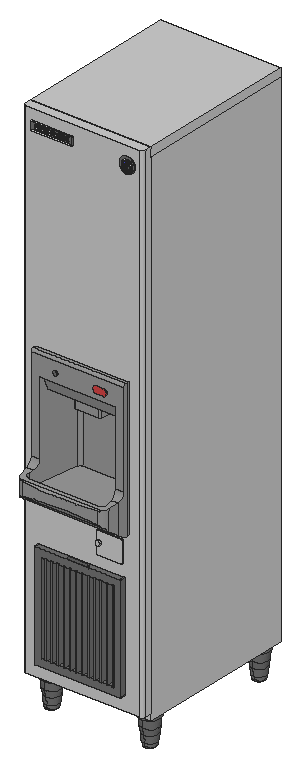
Revit family "QF_HOSHIZAKI_DIM-40DE-HC", category Specialty Equipment, Revit 2016
Family settings
  Part Type = Normal
  Round Connector Dimension = Use Diameter
  OmniClass Number = 23.40.40.14
  OmniClass Title = Food Service Equipment
  Work Plane-Based = No
  Always vertical = Yes
  Cut with Voids When Loaded = No
  Shared = No
  Room Calculation Point = No
Parameters (values of type "DIM-40DE-HC_240V/1Ph/50Hz")
  Weight = 59.00 kg
  Waste Remarks [instance] = ""
  Volts = 240 V
  URL Cutsheet = ""
  URL = "www.hoshizaki-europe.com"
  Status [instance] = ""
  Specification by User [instance] = ""
  Specification by Manufacturer [instance] = ""
  Serial Number = ""
  Seismic Rating = ""
  SMACNA No = ""
  Revision Code [instance] = ""
  Phase = 1
  Number of Poles = 2
  NAFEM Spec ID Number = ""
  Model = "DIM-40DE-HC"
  Min Ckt Ampacity = 0 A
  Max Overcurrent Protection = 0 A
  Masterspec = ""
  Manufacturer = "HOSHIZAKI"
  Length Actual = 350 mm
  Item Number [instance] = ""
  Installed By [instance] = ""
  Indirect Waste Size = 19.05 mm
  Indirect Waste Connection Type [instance] = ""
  Indirect Waste Connection Height [instance] = 410 mm
  Identify Quantity as Lot [instance] = no
  Height Actual = 1590 mm
  HP power = ""
  Furnished By [instance] = ""
  Foodservice Equipment Identifier [instance] = yes
  FL Amps = 0 A
  Electric power = 280 W
  Electric Connection Type [instance] = ""
  Elec Conn RI Height [instance] = 0 mm
  Elec Conn Connection Height [instance] = 510 mm
  Direct Waste RI Height [instance] = 0 mm
  Description = "DIM ICE DISPENSER, 43KG PER 24 HOURS, CUBE ICE"
  Depth Actual = 526 mm
  Cycle = 50 Hz
  Cost = 0
  Conn Plug = ""
  Conn Conduit = no
  Cold Water Temperature Recommended = 0 °C
  Cold Water Size = 12.7 mm
  Cold Water Flow = 0.0 L/s
  Cold Water Connection Height [instance] = 1505 mm
  CSI MasterFormat = ""
  Assembly Code = "E1090320"
  Apparent Power = 280 VA
  Accessory = no
Types (2, lengths in mm): name | Volts
  DIM-40DE-HC_230V/1Ph/50Hz | 230 V
  DIM-40DE-HC_240V/1Ph/50Hz | 240 V
Reference planes
  plane 1 "Center (Front/Back)": y = 0
  plane 2: z = 0
  plane 3 "Center (Left/Right)": x = 0
Forms (mm)
  Extrusion 1, solid, not visible
    sketch origin (69, -15, 1504) x (1, 0, 0) y (0, 1, 0)
      loop
        line (0, 0) -> (2, 0) -> (2, 2) -> (0, 2) -> (0, 0)
    from 0 to 2
  Extrusion 2, solid, not visible
    sketch origin (174, 6, 409) x (1, 0, 0) y (0, 1, 0)
      loop
        line (0, 0) -> (2, 0) -> (2, 2) -> (0, 2) -> (0, 0)
    from 0 to 2
  Extrusion 3, solid, not visible
    sketch origin (124, -20, 509) x (1, 0, 0) y (0, 1, 0)
      loop
        line (0, 0) -> (2, 0) -> (2, 2) -> (0, 2) -> (0, 0)
    from 0 to 2
  Extrusion 4, solid, not visible
    sketch origin (69, -15, 1504) x (1, 0, 0) y (0, 1, 0)
      loop
        line (0, 0) -> (2, 0) -> (2, 2) -> (0, 2) -> (0, 0)
    from 0 to 2
  Extrusion 5, solid, not visible
    sketch origin (174, 6, 409) x (1, 0, 0) y (0, 1, 0)
      loop
        line (0, 0) -> (2, 0) -> (2, 2) -> (0, 2) -> (0, 0)
    from 0 to 2
  Extrusion 6, solid, not visible
    sketch origin (124, -20, 509) x (1, 0, 0) y (0, 1, 0)
      loop
        line (0, 0) -> (2, 0) -> (2, 2) -> (0, 2) -> (0, 0)
    from 0 to 2
Dimensions and locks
  aligned and locked: level to plane 2
Nested families
  nested 1: "QF_HOSHIZAKI_DIM-40DE-HC_230V_1Ph_50Hz" at (0, 0, 0), type "DIM-40DE-HC_230V/1Ph/50Hz"
    with Waste Water Discharge Temperature 20 °C, Status "", Specification by User "", Revision Code "", Plumbing Remarks "", Plumbing Connection Type "", Number of Poles 1, Item Number "", Installed By "", Indirect Waste Connection Type "", Indirect Waste Connection Height 410 mm, Identify Quantity as Lot no, Furnished By "", Foodservice Equipment Identifier yes, Electrical Remarks "", Electric Connection Type "", Elec Conn RI Height 0 mm, Elec Conn Connection Height 510 mm, Conn Conduit no, Cold Water RI Height 1505 mm, Cold Water Flow 0.0 L/s, Cold Water Consumption "", Cold Water Connection Height 1505 mm
Connectors
  piping at (70, -13, 1505), diameter 12.7, driven by "Cold Water Size", driven by "Cold Water Flow"
    settings: on Extrusion 1, index 1, connector inside diameter 609.6 mm, connector length 0 mm, flow factor 0, pipe flow 0.0 L/s, pressure drop 0.0 Pa, fitting loss kfactor 0, connector angle 0.00°, fixture units 0, engagement length 0 mm, angle of deflection 0.00°, flow configuration 1, flow direction 1, fitting loss method 0, system type 20, joint type 0, gender type 0, connector reference index -1, connector utility 0, adjustable connector no, is connector primary yes, connector description "Cold Water connection for 'DIM-40DE-HC'"
  piping at (175, 8, 410), diameter 19.05, driven by "Indirect Waste Size"
    settings: on Extrusion 2, index 2, connector inside diameter 609.6 mm, connector length 0 mm, flow factor 0, pipe flow 0.0 L/s, pressure drop 0.0 Pa, fitting loss kfactor 0, connector angle 0.00°, fixture units 0, engagement length 0 mm, angle of deflection 0.00°, flow configuration 1, flow direction 2, fitting loss method 0, system type 16, joint type 0, gender type 0, connector reference index -1, connector utility 0, adjustable connector no, is connector primary no, connector description "Drain connection for 'DIM-40DE-HC'"
  electrical at (125, -18, 510), driven by "Apparent Power", driven by "Number of Poles", driven by "Volts"
    settings: on Extrusion 3, index 3, voltage 240 V, apparent load 0 VA, apparent load phase1 280 VA, apparent load phase2 0 VA, apparent load phase3 0 VA, power factor 1, load classification "Other", number of poles 2, system type 31, power factor state 1, is connector primary yes, connector utility no, sub classification motor no, connector description "Electric connection for 'DIM-40DE-HC'"
  piping at (70, -13, 1505), diameter 12.7, driven by "Cold Water Size", driven by "Cold Water Flow"
    settings: on Extrusion 4, index 4, connector inside diameter 609.6 mm, connector length 0 mm, flow factor 0, pipe flow 0.0 L/s, pressure drop 0.0 Pa, fitting loss kfactor 0, connector angle 0.00°, fixture units 0, engagement length 0 mm, angle of deflection 0.00°, flow configuration 1, flow direction 1, fitting loss method 0, system type 20, joint type 0, gender type 0, connector reference index -1, connector utility 0, adjustable connector no, is connector primary no, connector description "Cold Water connection for 'DIM-40DE-HC'"
  piping at (175, 8, 410), diameter 19.05, driven by "Indirect Waste Size"
    settings: on Extrusion 5, index 5, connector inside diameter 609.6 mm, connector length 0 mm, flow factor 0, pipe flow 0.0 L/s, pressure drop 0.0 Pa, fitting loss kfactor 0, connector angle 0.00°, fixture units 0, engagement length 0 mm, angle of deflection 0.00°, flow configuration 1, flow direction 2, fitting loss method 0, system type 16, joint type 0, gender type 0, connector reference index -1, connector utility 0, adjustable connector no, is connector primary no, connector description "Drain connection for 'DIM-40DE-HC'"
  electrical at (125, -18, 510), driven by "Apparent Power", driven by "Number of Poles", driven by "Volts"
    settings: on Extrusion 6, index 6, voltage 240 V, apparent load 0 VA, apparent load phase1 280 VA, apparent load phase2 0 VA, apparent load phase3 0 VA, power factor 1, load classification "Other", number of poles 2, system type 31, power factor state 1, is connector primary no, connector utility no, sub classification motor no, connector description "Electric connection for 'DIM-40DE-HC'"
Definition of nested family "QF_HOSHIZAKI_DIM-40DE-HC_230V_1Ph_50Hz"
  Parameters (values of type "DIM-40DE-HC_230V/1Ph/50Hz")
    Weight in Pounds = 143
    Electric power = 340 W
    Waste Water Discharge Temperature [instance] = 20 °C
    Volts = 230 V
    URL Cutsheet = "www.hoshizaki-europe.com"
    URL = "www.hoshizaki-europe.com"
    Status [instance] = ""
    Specification by User [instance] = ""
    Specification by Manufacturer = ""
    Show Logo = yes
    Serial Number = ""
    Seismic Rating = ""
    SMACNA No = ""
    Revision Code [instance] = ""
    Plumbing Remarks [instance] = ""
    Plumbing Connection Type [instance] = ""
    Phase = 1
    Number of Poles [instance] = 1
    NAFEM Spec ID Number = ""
    Model = "DIM-40DE-HC"
    Min Ckt Ampacity = 0 A
    Max Overcurrent Protection = 10 A
    Masterspec = ""
    Manufacturer = "HOSHIZAKI"
    Item Number [instance] = ""
    Installed By [instance] = ""
    Indirect Waste Size = 19.05 mm
    Indirect Waste Flow = 0.0 L/s
    Indirect Waste Connection Type [instance] = ""
    Indirect Waste Connection Height [instance] = 410 mm
    Identify Quantity as Lot [instance] = no
    HP power = "0.455946800000"
    Furnished By [instance] = ""
    Foodservice Equipment Identifier [instance] = yes
    FL Amps = 1.47 A
    Electrical Remarks [instance] = ""
    Electric Connection Type [instance] = ""
    Elec Conn RI Height [instance] = 0 mm
    Elec Conn Connection Height [instance] = 510 mm
    Description = "DIM ICE DISPENSER, 43KG PER 24 HOURS, CUBE ICE"
    Cycle = 50 Hz
    Conn Plug = ""
    Conn Conduit [instance] = no
    Cold Water Temperature Recommended = 35 °C
    Cold Water Size = 12.7 mm
    Cold Water RI Height [instance] = 1505 mm
    Cold Water Minimum Pressure = 70000.0 Pa
    Cold Water Maximum Pressure = 780000.0 Pa
    Cold Water Flow [instance] = 0.0 L/s
    Cold Water Consumption [instance] = ""
    Cold Water Connection Height [instance] = 1505 mm
    CSI MasterFormat = ""
    Assembly Code = "E1090320"
    Apparent Power = 340 VA
  Reference planes
    plane 1 "Back": y = 0
    plane 2: z = 0
    plane 3 "Left": x = 0
    plane 4 "Right": x = 350
    plane 5 "Front": y = -526
    plane 6 "Top": z = 1590
  Forms (mm)
    Extrusion 1, solid
      sketch origin (0, 0, 0) x (1, 0, 0) y (0, 1, 0)
        loop
          line (40, -526) -> (40, -535.559)
          arc (40, -535.559) -> (41.546, -563.317) -> (46.164, -590.733) r 250
          arc (46.164, -590.733) -> (53.691, -603.04) -> (67.145, -608.246) r 22.5
          arc (67.145, -608.246) -> (175, -610.558) -> (282.855, -608.246) r 2517
          arc (282.855, -608.246) -> (296.309, -603.04) -> (303.836, -590.733) r 22.5
          arc (303.836, -590.733) -> (306.669, -576.236) -> (308.641, -561.596) r 250
          arc (308.641, -561.596) -> (309.66, -548.596) -> (310, -535.561) r 250
          line (310, -535.561) -> (310, -526) -> (40, -526)
      from 575 to 975
    Extrusion 2, void
      sketch origin (0, 0, 0) x (0, 1, 0) y (0, 0, 1)
        loop
          line (-611, 575) -> (-538.86, 575)
          arc (-538.86, 575) -> (-573.629, 596.403) -> (-604.451, 623.18) r 250
          arc (-604.451, 623.18) -> (-609.3, 630.575) -> (-611, 639.253) r 23
          line (-611, 639.253) -> (-611, 575)
        loop
          arc (-611, 658.266) -> (-609.129, 663.408) -> (-604.39, 666.145) r 8
          line (-604.39, 666.145) -> (-562.59, 673.522)
          arc (-562.59, 673.522) -> (-549.263, 681.218) -> (-544, 695.679) r 22.5
          line (-544, 695.679) -> (-544, 967)
          arc (-544, 967) -> (-541.657, 972.657) -> (-536, 975) r 8
          line (-536, 975) -> (-611, 975) -> (-611, 658.266)
      from 315.034 to 35.44
    Extrusion 3, void
      sketch origin (0, 0, 0) x (1, 0, 0) y (0, 1, 0)
        loop
          line (70.943, -593.56) -> (279.057, -593.56)
          arc (279.057, -593.56) -> (288.21, -589.319) -> (290.895, -579.595) r 12
          line (290.895, -579.595) -> (266.394, -431.946)
          arc (266.394, -431.946) -> (262.995, -425.955) -> (256.529, -423.583) r 10
          line (256.529, -423.583) -> (93.471, -423.583)
          arc (93.471, -423.583) -> (87.005, -425.955) -> (83.606, -431.946) r 10
          line (83.606, -431.946) -> (59.105, -579.595)
          arc (59.105, -579.595) -> (61.79, -589.319) -> (70.943, -593.56) r 12
      from 910.443 to 635.013
    Extrusion 4, solid
      sketch origin (0, 0, 0) x (1, 0, 0) y (0, 1, 0)
        loop
          line (67.999, -526) -> (83.606, -431.946)
          arc (83.606, -431.946) -> (87.005, -425.955) -> (93.471, -423.583) r 10
          line (93.471, -423.583) -> (256.529, -423.583)
          arc (256.529, -423.583) -> (262.995, -425.955) -> (266.394, -431.946) r 10
          line (266.394, -431.946) -> (282.001, -526) -> (285.042, -526) -> (269.353, -431.455)
          arc (269.353, -431.455) -> (264.935, -423.666) -> (256.529, -420.583) r 13
          line (256.529, -420.583) -> (93.471, -420.583)
          arc (93.471, -420.583) -> (85.065, -423.666) -> (80.647, -431.455) r 13
          line (80.647, -431.455) -> (64.958, -526) -> (67.999, -526)
      from 915.14 to 630
    Extrusion 5, solid
      sketch origin (0, 0, 0) x (0, 1, 0) y (0, 0, 1)
        loop
          line (-423.583, 832.914) -> (-423.583, 910.443) -> (-537.176, 910.443) -> (-521.889, 869.996) -> (-423.583, 832.914)
      from 61.617 to 288.383
    Extrusion 6, solid
      sketch origin (4.981, 0, 0) x (1, 0, 0) y (0, 1, 0)
        loop
          line (122.019, -423.583) -> (131.501, -504.533)
          arc (131.501, -504.533) -> (133.144, -507.687) -> (136.468, -508.952) r 5
          line (136.468, -508.952) -> (203.571, -508.952)
          arc (203.571, -508.952) -> (206.894, -507.687) -> (208.537, -504.533) r 5
          line (208.537, -504.533) -> (218.019, -423.583) -> (122.019, -423.583)
      from 838.676 to 869.21
    Extrusion 7, solid
      sketch origin (0, -15, 0) x (1, 0, 0) y (0, 0, 1)
        loop
          line (47, 458.495) -> (47, 152.495)
          arc (47, 152.495) -> (47.586, 151.081) -> (49, 150.495) r 2
          line (49, 150.495) -> (295, 150.495)
          arc (295, 150.495) -> (296.414, 151.081) -> (297, 152.495) r 2
          line (297, 152.495) -> (297, 458.495)
          arc (297, 458.495) -> (296.414, 459.909) -> (295, 460.495) r 2
          line (295, 460.495) -> (49, 460.495)
          arc (49, 460.495) -> (47.586, 459.909) -> (47, 458.495) r 2
        loop
          line (281, 172.495) -> (281, 438.495) -> (69, 438.495) -> (69, 172.495) -> (281, 172.495)
      from 511 to 526
    Extrusion 8, solid
      sketch origin (-10, -15, 0) x (1, 0, 0) y (0, 1, 0)
        loop
          line (81.947, -512) -> (86.807, -526) -> (90.894, -526) -> (90.894, -506) -> (81.947, -506) -> (81.947, -512)
        loop
          line (99.841, -512) -> (104.7, -526) -> (108.788, -526) -> (108.788, -506) -> (99.841, -506) -> (99.841, -512)
        loop
          line (117.735, -512) -> (122.594, -526) -> (126.681, -526) -> (126.681, -506) -> (117.735, -506) -> (117.735, -512)
        loop
          line (135.628, -512) -> (140.488, -526) -> (144.575, -526) -> (144.575, -506) -> (135.628, -506) -> (135.628, -512)
        loop
          line (153.522, -512) -> (158.382, -526) -> (162.469, -526) -> (162.469, -506) -> (153.522, -506) -> (153.522, -512)
        loop
          line (171.416, -512) -> (176.276, -526) -> (180.363, -526) -> (180.363, -506) -> (171.416, -506) -> (171.416, -512)
        loop
          line (189.31, -512) -> (194.169, -526) -> (198.257, -526) -> (198.257, -506) -> (189.31, -506) -> (189.31, -512)
        loop
          line (207.204, -512) -> (212.063, -526) -> (216.15, -526) -> (216.15, -506) -> (207.204, -506) -> (207.204, -512)
        loop
          line (225.097, -512) -> (229.957, -526) -> (234.044, -526) -> (234.044, -506) -> (225.097, -506) -> (225.097, -512)
        loop
          line (242.991, -512) -> (247.851, -526) -> (251.938, -526) -> (251.938, -506) -> (242.991, -506) -> (242.991, -512)
        loop
          line (260.885, -512) -> (265.745, -526) -> (269.832, -526) -> (269.832, -506) -> (260.885, -506) -> (260.885, -512)
        loop
          line (278.779, -512) -> (283.639, -526) -> (287.726, -526) -> (287.726, -506) -> (278.779, -506) -> (278.779, -512)
      from 438.495 to 172.495
    Revolve 9, solid
      sketch origin (32, -33.318, 0) x (0, -1, 0) y (0, 0, 1)
        loop
          line (-1.318, 90) -> (-1.318, 80) -> (2.731, 80)
          arc (2.731, 80) -> (2.968, 66.933) -> (4.342, 53.936) r 150
          line (4.342, 53.936) -> (7.023, 36.064)
          arc (7.023, 36.064) -> (8.222, 25.561) -> (8.678, 15) r 150
          line (8.678, 15) -> (11.382, 15) -> (11.382, 3.5)
          arc (11.382, 3.5) -> (12.408, 1.025) -> (14.882, 0) r 3.5
          line (14.882, 0) -> (28.682, 0) -> (28.682, 90) -> (-1.318, 90)
        axis (28.682, 90) -> (28.682, 0)
      angle from 0 to 360
    Revolve 10, solid
      sketch origin (318, -90.682, 0) x (0, 1, 0) y (0, 0, -1)
        loop
          line (58.682, -90) -> (58.682, -80) -> (54.634, -80)
          arc (54.634, -80) -> (54.397, -66.933) -> (53.023, -53.936) r 150
          line (53.023, -53.936) -> (50.342, -36.064)
          arc (50.342, -36.064) -> (49.143, -25.561) -> (48.687, -15) r 150
          line (48.687, -15) -> (45.982, -15) -> (45.982, -3.5)
          arc (45.982, -3.5) -> (44.957, -1.025) -> (42.482, 0) r 3.5
          line (42.482, 0) -> (28.682, 0) -> (28.682, -90) -> (58.682, -90)
        axis (28.682, -90) -> (28.682, 0)
      angle from 0 to 360
    Extrusion 11, solid
      sketch origin (0, 0, 0) x (1, 0, 0) y (0, 1, 0)
        loop
          line (315, 0) -> (255, 0) -> (255, -23) -> (315, -23) -> (315, 0)
      from 306 to 1565
    Extrusion 12, solid
      sketch origin (13.768, 8, -110.803) x (1, 0, 0) y (0, 0, 1)
        loop
          circle (161.232, 520.803) r 11
        loop
          circle (161.232, 520.803) r 10
      from 8 to 31
    Extrusion 13, solid
      sketch origin (70, -13, 1505) x (1, 0, 0) y (0, 0, 1)
        loop
          circle (0, 0) r 10
        loop
          circle (0, 0) r 8
      from 0 to 10
    Extrusion 14, solid
      sketch origin (27.815, -543, -15.8) x (1, 0, 0) y (0, 0, 1)
        loop
          arc (202.685, 960.794) -> (192.685, 950.794) -> (202.685, 940.794) r 10
          line (202.685, 940.794) -> (221.685, 940.794)
          arc (221.685, 940.794) -> (231.685, 950.794) -> (221.685, 960.794) r 10
          line (221.685, 960.794) -> (202.685, 960.794)
      from 0 to 2
    Extrusion 15, solid
      sketch origin (26.37, -543, -11) x (1, 0, 0) y (0, 0, 1)
        loop
          circle (83.63, 946.237) r 6
      from 0 to 2
    Revolve 16, solid
      sketch origin (32, -431.318, 0) x (0, -1, 0) y (0, 0, 1)
        loop
          line (-1.318, 90) -> (-1.318, 80) -> (2.731, 80)
          arc (2.731, 80) -> (2.968, 66.933) -> (4.342, 53.936) r 150
          line (4.342, 53.936) -> (7.023, 36.064)
          arc (7.023, 36.064) -> (8.222, 25.561) -> (8.678, 15) r 150
          line (8.678, 15) -> (11.382, 15) -> (11.382, 3.5)
          arc (11.382, 3.5) -> (12.408, 1.025) -> (14.882, 0) r 3.5
          line (14.882, 0) -> (28.682, 0) -> (28.682, 90) -> (-1.318, 90)
        axis (28.682, 90) -> (28.682, 0)
      angle from 0 to 360
    Revolve 17, solid
      sketch origin (318, -488.682, 0) x (0, 1, 0) y (0, 0, -1)
        loop
          line (58.682, -90) -> (58.682, -80) -> (54.634, -80)
          arc (54.634, -80) -> (54.397, -66.933) -> (53.023, -53.936) r 150
          line (53.023, -53.936) -> (50.342, -36.064)
          arc (50.342, -36.064) -> (49.143, -25.561) -> (48.687, -15) r 150
          line (48.687, -15) -> (45.982, -15) -> (45.982, -3.5)
          arc (45.982, -3.5) -> (44.957, -1.025) -> (42.482, 0) r 3.5
          line (42.482, 0) -> (28.682, 0) -> (28.682, -90) -> (58.682, -90)
        axis (28.682, -90) -> (28.682, 0)
      angle from 0 to 360
    Extrusion 18, solid
      sketch origin (0, 0, 0) x (1, 0, 0) y (0, 1, 0)
        loop
          line (10, -526) -> (340, -526)
          arc (340, -526) -> (347.071, -523.071) -> (350, -516) r 10
          line (350, -516) -> (350, -496) -> (0, -496) -> (0, -516)
          arc (0, -516) -> (2.929, -523.071) -> (10, -526) r 10
      from 1590 to 110
    Extrusion 19, solid
      sketch origin (0, 0, 0) x (1, 0, 0) y (0, 1, 0)
        loop
          line (83.606, -431.946) -> (67.999, -526) -> (282.001, -526) -> (266.394, -431.946)
          arc (266.394, -431.946) -> (262.995, -425.955) -> (256.529, -423.583) r 10
          line (256.529, -423.583) -> (93.471, -423.583)
          arc (93.471, -423.583) -> (87.005, -425.955) -> (83.606, -431.946) r 10
      from 635.013 to 630
    Extrusion 20, solid
      sketch origin (0, 0, 1590) x (0, 1, 0) y (-1, 0, 0)
        loop
          line (-23, 0) -> (-496, 0) -> (-496, -350) -> (-23, -350) -> (-23, 0)
      from 0 to -25
    Extrusion 21, solid
      sketch origin (0, 0, 1590) x (0, 1, 0) y (-1, 0, 0)
        loop
          line (-23, 0) -> (-496, 0) -> (-496, -350) -> (-23, -350) -> (-23, 0)
      from -25 to -1500
    Extrusion 22, void
      sketch origin (0, -526, 0) x (-1, 0, 0) y (0, 0, 1)
        loop
          line (-60, 915) -> (-290, 915) -> (-290, 630) -> (-60, 630) -> (-60, 915)
      from 0 to 105.417
    Extrusion 23, void
      sketch origin (0, -526, 0) x (-1, 0, 0) y (0, 0, 1)
        loop
          line (-69, 438.495) -> (-281, 438.495) -> (-281, 172.495) -> (-69, 172.495) -> (-69, 438.495)
      from 0 to 30
    Revolve 24, solid
      sketch origin (0, -488.952, 0) x (1, 0, 0) y (0, 0, 1)
        loop
          line (175, 838.676) -> (168.5, 838.676) -> (168.5, 834.637)
          arc (168.5, 834.637) -> (168.672, 833.6) -> (169.168, 832.674) r 3.217
          line (169.168, 832.674) -> (172.881, 828.61)
          arc (172.881, 828.61) -> (173.842, 827.92) -> (175, 827.676) r 2.87
          line (175, 827.676) -> (175, 838.676)
        axis (175, 838.676) -> (175, 827.676)
      angle from 0 to 360
    Extrusion 25, solid, visible <- "Show Logo"
      sketch origin (0, -526, 985) x (-1, 0, 0) y (0, 0, 1)
        loop
          line (-34.966, 567.015) -> (-40.766, 567.015) -> (-40.766, 565.73) -> (-38.944, 564.902) -> (-38.944, 562.682) -> (-43.554, 562.682) -> (-43.554, 564.902) -> (-41.731, 565.73) -> (-41.731, 567.015) -> (-47.532, 567.015) -> (-47.532, 565.73) -> (-46.098, 564.902) -> (-46.098, 558.114) -> (-47.532, 557.286) -> (-47.532, 556) -> (-41.731, 556) -> (-41.731, 557.286) -> (-43.554, 558.114) -> (-43.554, 560.673) -> (-38.944, 560.673) -> (-38.944, 558.114) -> (-40.766, 557.286) -> (-40.766, 556) -> (-34.966, 556) -> (-34.966, 557.286) -> (-36.4, 558.114) -> (-36.4, 564.902) -> (-34.966, 565.73) -> (-34.966, 567.015)
        loop
          spline (-53.399, 556.042) -> (-51.878, 556.229) -> (-50.461, 556.777) -> (-49.244, 557.649) -> (-48.31, 558.785) -> (-47.723, 560.108) -> (-47.523, 561.528) -> (-47.723, 562.949) -> (-48.31, 564.272) -> (-49.244, 565.408) -> (-50.461, 566.28) -> (-51.878, 566.828) -> (-53.399, 567.015)
          spline (-53.399, 567.015) -> (-54.92, 566.828) -> (-56.337, 566.28) -> (-57.554, 565.408) -> (-58.488, 564.272) -> (-59.075, 562.949) -> (-59.276, 561.528) -> (-59.075, 560.108) -> (-58.488, 558.785) -> (-57.554, 557.649) -> (-56.337, 556.777) -> (-54.92, 556.229) -> (-53.399, 556.042)
        loop
          spline (-53.299, 557.388) -> (-52.547, 557.529) -> (-51.847, 557.943) -> (-51.245, 558.601) -> (-50.784, 559.458) -> (-50.493, 560.457) -> (-50.394, 561.528) -> (-50.493, 562.6) -> (-50.784, 563.598) -> (-51.245, 564.456) -> (-51.847, 565.114) -> (-52.547, 565.527) -> (-53.299, 565.668)
          spline (-53.299, 565.668) -> (-54.051, 565.527) -> (-54.752, 565.114) -> (-55.353, 564.456) -> (-55.815, 563.598) -> (-56.105, 562.6) -> (-56.204, 561.528) -> (-56.105, 560.457) -> (-55.815, 559.458) -> (-55.353, 558.601) -> (-54.752, 557.943) -> (-54.051, 557.529) -> (-53.299, 557.388)
        loop
          line (-69.829, 567.094) -> (-69.829, 563.369) -> (-68.139, 563.369) -> (-66.541, 565.495)
          arc (-66.541, 565.495) -> (-65.019, 565.695) -> (-63.498, 565.495) r 5.879
          arc (-63.498, 565.495) -> (-62.682, 564.432) -> (-63.498, 563.369) r 1.1
          line (-63.498, 563.369) -> (-69.29, 561.817)
          arc (-69.29, 561.817) -> (-70.234, 559.317) -> (-69.29, 556.817) r 3.783
          arc (-69.29, 556.817) -> (-65.84, 555.742) -> (-62.391, 556.817) r 6.071
          line (-62.391, 556.817) -> (-61.743, 556.17) -> (-59.855, 556.17) -> (-59.855, 559.779) -> (-61.862, 559.779) -> (-63.839, 557.802)
          arc (-63.839, 557.802) -> (-65.344, 557.537) -> (-66.85, 557.802) r 4.401
          arc (-66.85, 557.802) -> (-67.476, 558.697) -> (-66.85, 559.592) r 0.953
          line (-66.85, 559.592) -> (-61.612, 561.499)
          arc (-61.612, 561.499) -> (-59.989, 563.999) -> (-61.612, 566.499) r 2.737
          arc (-61.612, 566.499) -> (-64.578, 567.129) -> (-67.544, 566.499) r 7.289
          line (-67.544, 566.499) -> (-68.139, 567.094) -> (-69.829, 567.094)
        loop
          line (-71.301, 567.015) -> (-77.102, 567.015) -> (-77.102, 565.73) -> (-75.279, 564.902) -> (-75.279, 562.682) -> (-79.89, 562.682) -> (-79.89, 564.902) -> (-78.067, 565.73) -> (-78.067, 567.015) -> (-83.867, 567.015) -> (-83.867, 565.73) -> (-82.433, 564.902) -> (-82.433, 558.114) -> (-83.867, 557.286) -> (-83.867, 556) -> (-78.067, 556) -> (-78.067, 557.286) -> (-79.89, 558.114) -> (-79.89, 560.673) -> (-75.279, 560.673) -> (-75.279, 558.114) -> (-77.102, 557.286) -> (-77.102, 556) -> (-71.301, 556) -> (-71.301, 557.286) -> (-72.736, 558.114) -> (-72.736, 564.902) -> (-71.301, 565.73) -> (-71.301, 567.015)
        loop
          line (-90.776, 567.015) -> (-90.776, 565.73) -> (-89.342, 564.902) -> (-89.342, 558.114) -> (-90.776, 557.286) -> (-90.776, 556) -> (-84.989, 556) -> (-84.989, 557.286) -> (-86.423, 558.114) -> (-86.423, 564.902) -> (-84.989, 565.73) -> (-84.989, 567.015) -> (-90.776, 567.015)
        loop
          line (-92.073, 567.015) -> (-101.842, 567.015) -> (-101.842, 565.297) -> (-95.543, 557.791) -> (-98.873, 557.791) -> (-100.144, 558.681) -> (-100.144, 560.456) -> (-101.842, 560.456) -> (-101.842, 556) -> (-92.073, 556) -> (-92.073, 557.791) -> (-97.907, 564.744) -> (-97.907, 565.637) -> (-94.625, 565.637) -> (-93.746, 564.758) -> (-93.746, 562.341) -> (-92.073, 562.341) -> (-92.073, 567.015)
        loop
          line (-102.808, 556) -> (-102.808, 557.427) -> (-103.934, 557.427) -> (-107.808, 567.015) -> (-109.97, 567.015) -> (-113.886, 557.791) -> (-114.741, 557.791) -> (-114.741, 556) -> (-109.113, 556) -> (-109.113, 557.427) -> (-110.221, 557.427) -> (-111.13, 558.335) -> (-110.247, 559.596) -> (-106.153, 559.596) -> (-105.593, 558.058) -> (-106.224, 557.427) -> (-107.808, 557.427) -> (-107.808, 556) -> (-102.808, 556)
        loop
          line (-115.159, 567.015) -> (-120.444, 567.015) -> (-120.444, 565.595) -> (-119.405, 565.595) -> (-119.405, 561.351) -> (-123.648, 565.595) -> (-122.274, 565.595) -> (-122.274, 567.015) -> (-127.274, 567.015) -> (-127.274, 565.595) -> (-125.79, 565.595) -> (-123.002, 562.806) -> (-127.274, 557.791) -> (-128.486, 557.791) -> (-128.486, 556) -> (-122.274, 556) -> (-122.274, 557.791) -> (-123.993, 557.791) -> (-120.99, 560.794) -> (-119.405, 559.209) -> (-119.405, 557.791) -> (-120.444, 557.791) -> (-120.444, 556) -> (-115.444, 556) -> (-115.444, 557.791) -> (-116.869, 557.791) -> (-116.869, 565.595) -> (-115.159, 565.595) -> (-115.159, 567.015)
        loop
          line (-135, 567.015) -> (-135, 565.73) -> (-133.566, 564.902) -> (-133.566, 558.114) -> (-135, 557.286) -> (-135, 556) -> (-129.213, 556) -> (-129.213, 557.286) -> (-130.648, 558.114) -> (-130.648, 564.902) -> (-129.213, 565.73) -> (-129.213, 567.015) -> (-135, 567.015)
        loop
          line (-108.15, 564.538) -> (-109.61, 561.096) -> (-106.759, 561.096) -> (-108.15, 564.538)
      from 1 to -1.5
    Extrusion 26, solid, visible <- "Show Logo"
      sketch origin (0, -526, 985) x (-1, 0, 0) y (0, 0, 1)
        loop
          line (-25, 572) -> (-145, 572) -> (-145, 551) -> (-25, 551) -> (-25, 572)
      from 1 to -1
    Extrusion 27, solid, visible <- "Show Logo"
      sketch origin (0, -526, 985) x (-1, 0, 0) y (0, 0, 1)
        loop
          line (-28, 575) -> (-142, 575)
          arc (-142, 575) -> (-144.121, 574.121) -> (-145, 572) r 3
          line (-145, 572) -> (-25, 572)
          arc (-25, 572) -> (-25.879, 574.121) -> (-28, 575) r 3
        loop
          line (-142, 548) -> (-28, 548)
          arc (-28, 548) -> (-25.879, 548.879) -> (-25, 551) r 3
          line (-25, 551) -> (-145, 551)
          arc (-145, 551) -> (-144.121, 548.879) -> (-142, 548) r 3
      from 1 to -1
    Extrusion 28, solid, visible <- "Show Logo"
      sketch origin (764.884, -525.5, -322.5) x (-1, 0, 0) y (0, 0, -1)
        loop
          circle (459.884, -1862.5) r 13.99
      from -0.5 to 2
    Extrusion 29, solid, visible <- "Show Logo"
      sketch origin (764.884, -526, -322.5) x (-1, 0, 0) y (0, 0, -1)
        loop
          circle (459.884, -1862.5) r 15
        loop
          arc (446.884, -1862.5) -> (460.705, -1875.474) -> (472.781, -1860.863) r 13
          line (472.781, -1860.863) -> (470.355, -1858.437) -> (469.346, -1862.201) -> (466.355, -1863.928) -> (465.024, -1865.26) -> (463.375, -1865.26) -> (462.04, -1870.241) -> (457.755, -1870.241) -> (459.339, -1867.979) -> (460.402, -1864.014) -> (461.224, -1860.945) -> (462.416, -1856.497) -> (461.216, -1855.297) -> (459.433, -1857.843) -> (455.784, -1851.523) -> (460.361, -1851.523) -> (461.471, -1853.446) -> (469.213, -1853.446)
          arc (469.213, -1853.446) -> (460.394, -1849.51) -> (451.293, -1852.743) r 13
          line (451.293, -1852.743) -> (455.577, -1853.891) -> (453.752, -1856.497) -> (455.349, -1856.497) -> (454.477, -1866.459) -> (452.538, -1866.459) -> (446.884, -1862.5)
        loop
          line (447.853, -1857.467) -> (452.313, -1861.926) -> (450.144, -1853.891)
          arc (450.144, -1853.891) -> (448.878, -1855.602) -> (447.853, -1857.467) r 15.828
        loop
          line (463.583, -1862.877) -> (466.64, -1862.399) -> (464.901, -1861.285) -> (463.583, -1857.664) -> (463.583, -1862.877)
        loop
          line (464.827, -1855.979) -> (468.296, -1856.908) -> (469.573, -1854.916) -> (468.881, -1854.224) -> (467.914, -1855.035) -> (464.827, -1855.979)
        loop
          line (462.609, -1872.307) -> (462.609, -1874.009) -> (464.927, -1873.388) -> (462.609, -1872.307)
        loop
          line (460.361, -1874.662) -> (459.594, -1873.335) -> (460.801, -1872.638) -> (459.186, -1872.205) -> (458.298, -1874.11) -> (460.361, -1874.662)
        loop
          line (459.623, -1846.783) -> (460.706, -1845.701) -> (462.247, -1845.701) -> (461.191, -1844.645) -> (461.503, -1842.874) -> (459.623, -1843.959) -> (457.743, -1842.874) -> (458.055, -1844.645) -> (456.999, -1845.701) -> (458.54, -1845.701) -> (459.623, -1846.783)
        loop
          line (446.86, -1853.7) -> (446.594, -1852.191) -> (447.478, -1850.929) -> (446.007, -1851.188) -> (444.736, -1849.917) -> (444.547, -1852.08) -> (442.579, -1852.997) -> (444.209, -1853.757) -> (444.468, -1855.228) -> (445.352, -1853.965) -> (446.86, -1853.7)
        loop
          line (452.395, -1848.68) -> (452.856, -1847.219) -> (454.223, -1846.508) -> (452.799, -1846.059) -> (452.258, -1844.344) -> (451.091, -1846.175) -> (448.922, -1846.08) -> (450.017, -1847.507) -> (449.568, -1848.931) -> (450.935, -1848.219) -> (452.395, -1848.68)
        loop
          line (472.909, -1853.7) -> (474.417, -1853.965) -> (475.301, -1855.228) -> (475.56, -1853.757) -> (477.19, -1852.997) -> (475.222, -1852.08) -> (475.033, -1849.917) -> (473.761, -1851.188) -> (472.291, -1850.929) -> (473.175, -1852.191) -> (472.909, -1853.7)
        loop
          line (467.374, -1848.68) -> (468.834, -1848.219) -> (470.201, -1848.931) -> (469.752, -1847.507) -> (470.847, -1846.08) -> (468.678, -1846.175) -> (467.511, -1844.344) -> (466.97, -1846.059) -> (465.546, -1846.508) -> (466.913, -1847.219) -> (467.374, -1848.68)
      from 0 to 2
    Extrusion 30, solid, visible <- "Show Logo"
      sketch origin (764.884, -526, -322.5) x (-1, 0, 0) y (0, 0, -1)
        loop
          line (462.609, -1874.009) -> (462.609, -1872.307) -> (462.085, -1870.241) -> (457.755, -1870.241) -> (459.339, -1867.979) -> (462.416, -1856.497) -> (461.216, -1855.297) -> (459.433, -1857.843) -> (455.808, -1851.565) -> (453.948, -1851.565) -> (455.577, -1853.891) -> (454.477, -1866.459) -> (456.345, -1871.339)
          arc (456.345, -1871.339) -> (456.868, -1874.025) -> (459.213, -1875.435) r 3.366
          arc (459.213, -1875.435) -> (460.198, -1875.496) -> (461.183, -1875.435) r 8.046
          line (461.183, -1875.435) -> (462.609, -1874.009)
        loop
          line (456.854, -1851.523) -> (460.361, -1851.523) -> (460.916, -1852.485) -> (462.702, -1852.485) -> (463.779, -1851.407) -> (460.623, -1851.407) -> (461.563, -1850.468) -> (456.245, -1850.468) -> (456.854, -1851.523)
        loop
          line (460.361, -1874.662) -> (459.594, -1873.335) -> (460.801, -1872.638) -> (459.186, -1872.205) -> (458.298, -1874.11) -> (460.361, -1874.662)
      from 0 to 2
    Extrusion 31, solid, visible <- "Show Logo"
      sketch origin (-20.5, -525, 1101.096) x (1, 0, 0) y (0, 0, 1)
        loop
          circle (325.5, 438.904) r 22.5
      from 0 to 2
    Extrusion 32, solid
      sketch origin (0, -449.768, 8.794) x (-1, 0, 0) y (0, -0.174532, 0.984651)
        loop
          arc (-144.596, 462.92) -> (-146.103, 466.897) -> (-149.868, 468.876) r 6
          arc (-149.868, 468.876) -> (-174.596, 470.382) -> (-199.324, 468.876) r 203.721
          arc (-199.324, 468.876) -> (-203.089, 466.897) -> (-204.596, 462.92) r 6
          line (-204.596, 462.92) -> (-204.596, 455.592) -> (-144.596, 455.592) -> (-144.596, 462.92)
      from -9.019 to -11
    Extrusion 33, solid
      sketch origin (0, -526, 0) x (-1, 0, 0) y (0, 0, 1)
        loop
          arc (-215.5, 553.744) -> (-216.964, 557.279) -> (-220.5, 558.744) r 5
          line (-220.5, 558.744) -> (-287, 558.744)
          arc (-287, 558.744) -> (-290.536, 557.279) -> (-292, 553.744) r 5
          line (-292, 553.744) -> (-292, 497.244)
          arc (-292, 497.244) -> (-290.536, 493.708) -> (-287, 492.244) r 5
          line (-287, 492.244) -> (-220.5, 492.244)
          arc (-220.5, 492.244) -> (-216.964, 493.708) -> (-215.5, 497.244) r 5
          line (-215.5, 497.244) -> (-215.5, 553.744)
      from -1 to 1
    Extrusion 34, solid
      sketch origin (0, -526, 0) x (-1, 0, 0) y (0, 0, 1)
        loop
          circle (-223, 525.494) r 6.5
      from -1 to -6
    Extrusion 35, solid
      sketch origin (0, 0, 0) x (0, 1, 0) y (0, 0, 1)
        loop
          arc (-7.121, 508.121) -> (-7.772, 509.095) -> (-8, 510.243) r 3
          line (-8, 510.243) -> (-8, 522.535)
          arc (-8, 522.535) -> (-9.167, 525.353) -> (-11.985, 526.52) r 3.985
          line (-11.985, 526.52) -> (-23, 526.52) -> (-23, 467) -> (-4, 467)
          arc (-4, 467) -> (-1.172, 468.172) -> (0, 471) r 4
          line (0, 471) -> (0, 499.343)
          arc (0, 499.343) -> (-0.304, 500.874) -> (-1.172, 502.172) r 4
          line (-1.172, 502.172) -> (-7.121, 508.121)
      from 105.995 to 144.005
  Cuts and joins
    Extrusion 2, Extrusion 3 cuts Extrusion 1
    joined: Extrusion 1, Extrusion 4, Extrusion 5, Extrusion 6, Extrusion 19
    Extrusion 3, Extrusion 22, Extrusion 23 cuts Extrusion 18
    Extrusion 22 cuts Extrusion 21
  Lines and regions (mm)
    symbolic lines
      curve 1: line (0, -23, 0) -> (350, -23, 0)
      curve 2: line (0, -516, 0) -> (0, -23, 0)
      curve 3: line (340, -526, 0) -> (10, -526, 0)
      curve 4: line (350, -23, 0) -> (350, -516, 0)
      curve 5: line (255, -23, 0) -> (255, 0, 0)
      curve 6: line (255, 0, 0) -> (315, 0, 0)
      curve 7: line (315, 0, 0) -> (315, -23, 0)
      curve 8: line (164, 0, 0) -> (164, -23, 0)
      curve 9: line (186, 0, 0) -> (186, -23, 0)
      curve 10: line (186, 0, 0) -> (164, 0, 0)
      curve 11: line (60, -23, 0) -> (60, -13, 0)
      curve 12: line (60, -13, 0) -> (80, -13, 0)
      curve 13: line (80, -13, 0) -> (80, -23, 0)
      curve 14: line (105.995, -23, 0) -> (105.995, 0, 0)
      curve 15: line (105.995, 0, 0) -> (144.005, 0, 0)
      curve 16: line (144.005, 0, 0) -> (144.005, -23, 0)
      curve 17: line (40, -526, 0) -> (40, -535.559, 0)
      curve 18: arc (40, -535.559, 0) -> (41.546, -563.317, 0) -> (46.164, -590.733, 0) r 250
      curve 19: arc (46.164, -590.733, 0) -> (53.691, -603.04, 0) -> (67.145, -608.246, 0) r 22.5
      curve 20: arc (67.145, -608.246, 0) -> (175, -610.558, 0) -> (282.855, -608.246, 0) r 2517
      curve 21: arc (282.855, -608.246, 0) -> (296.309, -603.04, 0) -> (303.836, -590.733, 0) r 22.5
      curve 22: arc (303.836, -590.733, 0) -> (306.669, -576.236, 0) -> (308.641, -561.596, 0) r 250
      curve 23: arc (308.641, -561.596, 0) -> (309.66, -548.596, 0) -> (310, -535.561, 0) r 250
      curve 24: line (310, -535.561, 0) -> (310, -526, 0)
      curve 25: line (290.895, -579.595, 0) -> (282.001, -526, 0)
      curve 26: arc (279.057, -593.56, 0) -> (288.21, -589.319, 0) -> (290.895, -579.595, 0) r 12
      curve 27: line (70.943, -593.56, 0) -> (279.057, -593.56, 0)
      curve 28: arc (59.105, -579.595, 0) -> (61.79, -589.319, 0) -> (70.943, -593.56, 0) r 12
      curve 29: line (67.999, -526, 0) -> (59.105, -579.595, 0)
      curve 30: arc (340, -526, 0) -> (347.071, -523.071, 0) -> (350, -516, 0) r 10
      curve 31: arc (10, -526, 0) -> (2.929, -523.071, 0) -> (0, -516, 0) r 10
      curve 32: line (0, -496, 0) -> (350, -496, 0)
  Dimensions and locks
    plane 5 "Front" to cut or joined group of Extrusion 1, Extrusion 2, Extrusion 3, Extrusion 4, Extrusion 5, Extrusion 6, Extrusion 19 = 85 mm
    aligned and locked: level to plane 2
  Connectors
    piping at (175, 0, 410), diameter 19.05, driven by "Indirect Waste Size", driven by "Indirect Waste Flow"
      settings: on Extrusion 12, index 1, connector inside diameter 609.6 mm, connector length 0 mm, flow factor 0, pipe flow 0.0 L/s, pressure drop 0.0 Pa, fitting loss kfactor 0, connector angle 0.00°, fixture units 0, engagement length 0 mm, angle of deflection 0.00°, flow configuration 1, flow direction 2, fitting loss method 0, system type 16, joint type 0, gender type 0, connector reference index -1, connector utility 0, adjustable connector no, is connector primary yes, connector description "Indirect Waste Connection"
    piping at (70, -13, 1505), diameter 12.7, driven by "Cold Water Size", driven by "Cold Water Flow"
      settings: on Extrusion 13, index 3, connector inside diameter 609.6 mm, connector length 0 mm, flow factor 0, pipe flow 0.0 L/s, pressure drop 0.0 Pa, fitting loss kfactor 0, connector angle 0.00°, fixture units 0, engagement length 0 mm, angle of deflection 0.00°, flow configuration 1, flow direction 1, fitting loss method 0, system type 20, joint type 0, gender type 0, connector reference index -1, connector utility 0, adjustable connector no, is connector primary no, connector description "Cold Water Connection"
    electrical at (125, -13.5, 467), driven by "Volts", driven by "Apparent Power", driven by "Number of Poles"
      settings: on Extrusion 35, index 4, voltage 230 V, apparent load 0 VA, apparent load phase1 340 VA, apparent load phase2 0 VA, apparent load phase3 0 VA, power factor 1, load classification none, number of poles 1, system type 31, power factor state 1, is connector primary yes, connector utility no, sub classification motor no, connector description "Electrical Connection"
